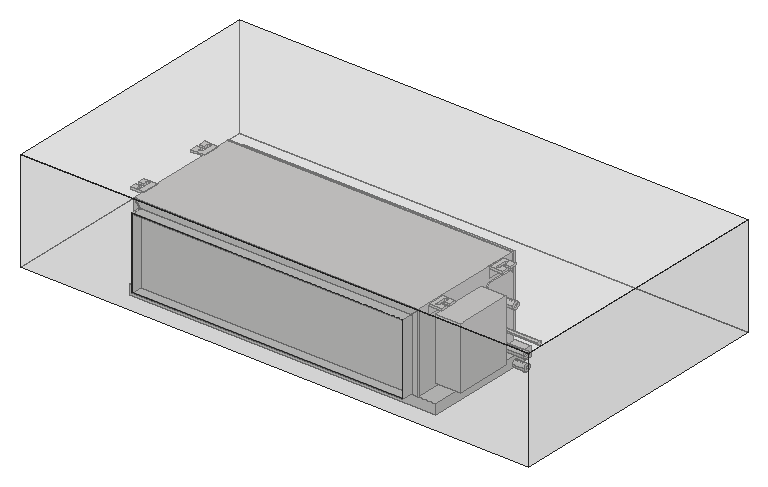
Revit family "outputfile", category 機械設備, Revit 2024
Family settings
  丸型コネクタ寸法 = 半径を使用
  パーツ タイプ = 標準
  OmniClass 番号 = 23.75.10.24.21.27.27
  OmniClass タイトル = Split System Air Conditioning Units
  作業面ベース = いいえ
  常に垂直 = はい
  ロード時にボイドで切り取り = いいえ
  注釈の向きを維持 = いいえ
  共有 = いいえ
  部屋計算ポイント = はい
Parameters (values of type "FDBC35AV1M")
  Description = ""
  書き出し IFC クラス(タイプ) = "IfcUnitaryEquipmentType"
  定義済み IFC タイプ(タイプ) = "AIRCONDITIONINGUNIT"
  Cost = 0
  Type Comments = ""
  Keynote = ""
  Type Image = (empty or 0)
  Assembly Code = ""
  switch_frequency = yes
  lw_Supply Duct = if(Width = 905 mm, 20.5 mm, 11.5 mm)  # 20.5 mm
  l_powersupply = 92.5 mm  # constant formula
  connector_voltage = Voltage_50Hz  # 230 V
  connector_powerinput = [Power Input (Cooling)]  # 1.143 kW
  connector_phase = Phase_50Hz  # 1
  W1 = if(Width = 905 mm, 441.5 mm, 362.5 mm)  # 441.5 mm
  URL = ""
  Supply Air Direction [instance] = yes
  製造元 = "Daikin"
  モデル = "FDBC35AV1M"
  r_Liquid Pipe Size = Liquid Pipe Size / 2  # 3.2 mm
  r_Gas Pipe Size = Gas Pipe Size / 2  # 4.75 mm
  r_Drain Pipe Size = Drain Pipe Size / 2  # 9.5 mm
  lw_powersupply = if(Width = 905 mm, 439.5 mm, 378.5 mm)  # 439.5 mm
  lw_Return Duct = if(Width = 905 mm, 20.5 mm, 11.5 mm)  # 20.5 mm
  ld_powersupply = 46.5 mm  # constant formula
  Voltage_comment_50Hz = "220 - 240"
  Voltage_50Hz = 230 V
  Sound Power Level_H speed (dB) = 0
  Phase_50Hz = 1
  Minimum External Static Pressure = 5.00 Pa
  Minimum Circuit Amps_50Hz = 7.3 A
  Maximum Fuse Amps_50Hz = 16.0 A
  Maximum External Static Pressure = 10.00 Pa
  Material_Casing = DAIKIN_GalvanizedSteel_Casing_indoorunit
  lw_liquidpipe = C - W1 + 122 mm  # 522.5 mm
  lw_gaspipe = C - W1 + 52 mm  # 452.5 mm
  lw_mountinghole_pitch = if(Width = 905 mm, 881 mm, 741 mm)  # 881 mm
  lw_drainpipe = C - W1 + 85 mm  # 485.5 mm
  lh_powersupply = 131.5 mm  # constant formula
  lh_liquidpipe = 87 mm  # constant formula
  lh_gaspipe = 161 mm  # constant formula
  lh_mountinghole = 261 mm  # constant formula
  lh_drainpipe = 43.5 mm  # constant formula
  l_antena = Height + 1 mm - lh_mountinghole  # 1 mm
  ld_liquidpipe = 121 mm  # constant formula
  ld_gaspipe = 121 mm  # constant formula
  ld_drainpipe = 117.005 mm  # constant formula
  h*** = 0 mm  # constant formula
  Width = 905 mm
  Version = "ver.1.0"
  Unit Type = "Duct"
  Unit Mass Weight = 22.00 kg
  Unit Designation [instance] = ""
  Uniclass2015Version = "Products v1.30"
  Uniclass2015Title = "Split coil room air conditioning units"
  Uniclass2015Code = "Pr_70_65_03_86"
  Total Cooling Capacity [instance] = 0.000 kW
  Sound Pressure Level_M speed (dBA) = 33
  Sound Pressure Level_L speed (dBA) = 29
  Sound Pressure Level_H speed (dBA) = 36
  Series = "SkyAir_Fan Coil Unit"
  Sensible Cooling Capacity [instance] = 0.000 kW
  SA Duct Size Width = 802 mm
  SA Duct Size Height = 211 mm
  Refrigerant Type = "R32"
  RA Duct Size Width = 802 mm
  RA Duct Size Height = 211 mm
  Power Input (Cooling) = 1.143 kW
  Option Accessory 3 [instance] = ""
  Option Accessory 2 [instance] = ""
  Option Accessory 1 [instance] = ""
  Nominal Cooling Capacity = 3.520 kW
  Minimum Airflow = 595.00 m³/h
  Median Airflow = 782.00 m³/h
  Maximum Airflow = 867.00 m³/h
  Load Classification = HVAC
  Liquid Pipe Size = 6.4 mm
  Link_Nested Family [instance] = ""
  IfcVersion = ""
  IfcExportType = "AIRCONDITIONINGUNIT"
  IfcExportAs = "IfcUnitaryEquipmentType"
  Height = 261 mm
  Heat Exchanger Type = "Cross Fin Coil"
  Gas Pipe Size = 9.5 mm
  Frequency_50Hz = 50 Hz
  Fan Type = "Sirocco Fan"
  Fan Drive = "-"
  FCU Tag No. [instance] = ""
  Drain Pipe Size = 19.0 mm
  Design Supply Airflow [instance] = 0.00 m³/h
  Design Return Airflow [instance] = 0.00 m³/h
  Design External Static Pressure [instance] = 0.00 Pa
  Depth = 411 mm
  既定の高さ = 0 mm
  Cooling Entering Wet Bulb Temperature [instance] = 0.00 °C
  Cooling Entering Dry Bulb Temperature [instance] = 0.00 °C
  Cooling Ambient Wet Bulb Temperature [instance] = 0.00 °C
  Cooling Ambient Dry Bulb Temperature [instance] = 0.00 °C
  Clearance visibility [instance] = yes
  Clearance Top = 20 mm
  Clearance Right = 300 mm
  Clearance Rear = 400 mm
  Clearance Left = 300 mm
  Clearance Front = 0 mm
  Clearance Bottom = 20 mm
  C = if(Width = 905 mm, 842 mm, 702 mm)  # 842 mm
Reference planes
  plane 1 "Center (Front/Back)": y = 0
  plane 2: z = 0
  plane 3 "Center (Left/Right)": x = 0
  plane 4 "Back": y = 205.5
  plane 5 "Front": y = -205.5
  plane 6 "Left": x = -452.5
  plane 7 "Right": x = 452.5
  plane 8 "Top": z = 0
  plane 9 "Bottom": z = -261
  plane 10 "lh_liquidpipe": z = -174
  plane 11 "lh_gaspipe": z = -100
  plane 12 "lw_mountinghole": x = -461
  plane 13 "lw_mountinghole3": x = 420
  plane 14 "lw_liquidpipe": x = 522.5
  plane 15 "lw_gaspipe": x = 452.5
  plane 16 "Clearance Left": x = -752.5
  plane 17 "Clearance Right": x = 752.5
  plane 18 "Clearance Rear": y = 605.5
  plane 19 "Clearance Front": y = -205.5
  plane 20 "Clearance Bottom": z = -281
  plane 21 "lh_drainpipe": z = -217.5
  plane 22 "ld_gaspipe": y = 121
  plane 23 "ld_liquidpipe": y = 121
  plane 24 "ld_drainpipe": y = 117.005
  plane 25 "lw_drainpipe": x = 485.5
  plane 26 "ld_mountinghole1": y = 112.5
  plane 27 "ld_mountinghole": y = -112.5
  plane 28 "Clearance Top": z = 20
  plane 29 "lh_powersupply": z = -129.5
  plane 30 "ld_powersupply": y = -46.5
  plane 31 "箱_L": x = -441.5
  plane 32 "箱_R": x = 400.5
  plane 33 "箱_F": y = -175.5
  plane 34 "箱_後": y = 175.5
  plane 35 "A": z = -230
  plane 36: y = 55.5
  plane 37: y = -112.5
  plane 38 "lh_box": z = -222
  plane 39 "lh_box1": z = -37
  plane 40 "71/100": z = -46
  plane 41 "l-box": x = 475.5
  plane 42 "lw_Return Duct": x = -20.5
  plane 43 "lw_Supply Duct": x = -20.5
  plane 44 "lh_Supply Duct": z = -124.5
  plane 45 "lh_Return Duct": z = -124.5
  plane 46 "lw_powersupply": x = 439.5
Forms (mm)
  Extrusion 1, solid, material "DAIKIN_GalvanizedSteel_Casing_indoorunit" <- "Material_Casing"
    sketch origin (0, 0, -230) x (-1, 0, 0) y (0, -1, 0)
      loop
        line (441.5, -175.5) -> (441.5, 175.5) -> (-400.5, 175.5) -> (-400.5, -175.5) -> (441.5, -175.5)
    from 0 to 230
  Extrusion 2, solid, material "DAIKIN_GalvanizedSteel_Casing_indoorunit" <- "Material_Casing"
    sketch origin (0, 0, -261) x (-1, 0, 0) y (0, -1, 0)
      loop
        line (452.5, -175.5) -> (452.5, 175.5) -> (-452.5, 175.5) -> (-452.5, -175.5) -> (452.5, -175.5)
    from 0 to 31
  Extrusion 3, solid, material "DAIKIN_GalvanizedSteel_Casing_indoorunit" <- "Material_Casing"
    sketch origin (0, 0, -222) x (-1, 0, 0) y (0, -1, 0)
      loop
        line (-400.5, -55.5) -> (-400.5, 112.5) -> (-475.5, 112.5) -> (-475.5, -55.5) -> (-400.5, -55.5)
    from 0 to 185
  Extrusion 4, solid, material "DAIKIN_GalvanizedSteel_Casing_indoorunit"
    sketch origin (400.5, 1296.25, 1200) x (0, 1, 0) y (0, 0, 1)
      loop
        circle (-1179.245, -1417.5) r 9.5
      loop
        circle (-1179.245, -1417.5) r 6.5
    from 0 to 85
  Extrusion 5, solid, material "DAIKIN_GalvanizedSteel_Casing_indoorunit" <- "Material_Casing"
    sketch origin (400.5, 1296.25, 1200) x (0, 1, 0) y (0, 0, 1)
      loop
        circle (-1175.25, -1300) r 9.95
      loop
        circle (-1175.25, -1300) r 6.35
    from 0 to 52
  Extrusion 6, solid, material "DAIKIN_GalvanizedSteel_Casing_indoorunit" <- "Material_Casing"
    sketch origin (400.5, 1296.25, 1200) x (0, 1, 0) y (0, 0, 1)
      loop
        circle (-1175.25, -1374) r 5
      loop
        circle (-1175.25, -1374) r 3.175
    from 0 to 122
  Extrusion 7, solid, material "DAIKIN_GalvanizedSteel_Casing_indoorunit" <- "Material_Casing"
    sketch origin (400.5, 1296.25, 1200) x (0, 1, 0) y (0, 0, 1)
      loop
        line (-1213.75, -1239) -> (-1223.75, -1249) -> (-1223.75, -1430) -> (-1188.75, -1430) -> (-1188.75, -1417.5)
        arc (-1188.75, -1417.5) -> (-1179.25, -1408) -> (-1169.75, -1417.5) r 9.5
        line (-1169.75, -1417.5) -> (-1169.75, -1430) -> (-1128.75, -1430) -> (-1128.75, -1249) -> (-1138.75, -1239) -> (-1213.75, -1239)
    from 0 to 7
  Extrusion 8, solid, material "DAIKIN_GalvanizedSteel_Casing_indoorunit" <- "Material_Casing"
    sketch origin (400.5, 1296.25, 1200) x (0, 1, 0) y (0, 0, 1)
      loop
        circle (-1180.246, -1450) r 9.5
      loop
        circle (-1180.246, -1450) r 6.5
    from 0 to 89
Cuts and joins
  joined: Extrusion 2, Extrusion 8
Dimensions and locks
  "Height": plane 8 "Top" to plane 9 "Bottom"
  "lw_mountinghole_pitch": plane 12 "lw_mountinghole" to plane 13 "lw_mountinghole3"
  "lh_liquidpipe": plane 10 "lh_liquidpipe" to plane 9 "Bottom"
  "lh_gaspipe": plane 11 "lh_gaspipe" to plane 9 "Bottom"
  "Width": plane 6 "Left" to plane 7 "Right"
  "Clearance Right": plane 7 "Right" to plane 17 "Clearance Right"
  "Clearance Left": plane 16 "Clearance Left" to plane 6 "Left"
  "Clearance Rear": plane 18 "Clearance Rear" to plane 4 "Back"
  "Clearance Front": plane 5 "Front" to plane 19 "Clearance Front"
  "Depth": plane 4 "Back" to plane 5 "Front"
  equal spacing: plane 4 "Back", plane 1 "Center (Front/Back)", plane 5 "Front"
  locked: plane 26 "ld_mountinghole1" to plane 27 "ld_mountinghole" at 225
  "lw_liquidpipe": plane 3 "Center (Left/Right)" to plane 14 "lw_liquidpipe"
  "lw_gaspipe": plane 3 "Center (Left/Right)" to plane 15 "lw_gaspipe"
  "lw_drainpipe": plane 3 "Center (Left/Right)" to plane 25 "lw_drainpipe"
  "lh_drainpipe": plane 21 "lh_drainpipe" to plane 9 "Bottom"
  "Clearance Top": plane 28 "Clearance Top" to plane 8 "Top"
  "Clearance Bottom": plane 9 "Bottom" to plane 20 "Clearance Bottom"
  "lh_powersupply": plane 29 "lh_powersupply" to plane 9 "Bottom"
  "W1": plane 31 "箱_L" to plane 3 "Center (Left/Right)"
  "C": plane 31 "箱_L" to plane 32 "箱_R"
  locked: plane 34 "箱_後" to plane 33 "箱_F" at 351
  locked: plane 36 to plane 37 at 168
  locked: plane 37 to plane 5 "Front" at 93
  locked: plane 39 "lh_box1" to plane 38 "lh_box" at 185
  locked: plane 38 "lh_box" to plane 9 "Bottom" at 39
  "ld_drainpipe": plane 24 "ld_drainpipe" to plane 1 "Center (Front/Back)"
  "ld_gaspipe": plane 22 "ld_gaspipe" to plane 1 "Center (Front/Back)"
  "ld_liquidpipe": plane 1 "Center (Front/Back)" to plane 23 "ld_liquidpipe"
  locked: plane 40 "71/100" to plane 9 "Bottom" at 215
  locked: Extrusion 7 sketch curve to plane 34 "箱_後" at 8
  locked: Extrusion 7 sketch curve to Extrusion 7 sketch curve at 95
  locked: Extrusion 7 sketch curve to Extrusion 7 sketch curve at 191
  locked: Extrusion 7 sketch curve to Extrusion 7 sketch curve at 10  (x4)
  locked: Extrusion 7 sketch curve to Extrusion 7 sketch curve at 19
  locked: Extrusion 7 sketch curve to plane 9 "Bottom" at 31
  locked: Extrusion 7 sketch curve to plane 9 "Bottom" at 43.5
  locked: Extrusion 7 sketch curve to Extrusion 7 sketch curve at 50.5
  "h***": plane 8 "Top" to plane 2
  locked: plane 27 "ld_mountinghole" to plane 1 "Center (Front/Back)" at 112.5
  "lw_Supply Duct": plane 43 "lw_Supply Duct" to plane 3 "Center (Left/Right)"
  "lw_Return Duct": plane 42 "lw_Return Duct" to plane 3 "Center (Left/Right)"
  locked: plane 44 "lh_Supply Duct" to plane 9 "Bottom" at 136.5
  locked: plane 45 "lh_Return Duct" to plane 9 "Bottom" at 136.5
  locked: plane 35 "A" to plane 9 "Bottom" at 31
  equal spacing: plane 6 "Left", plane 3 "Center (Left/Right)", plane 7 "Right"
  locked: plane 12 "lw_mountinghole" to plane 31 "箱_L" at 19.5
  equal spacing: plane 34 "箱_後", plane 1 "Center (Front/Back)", plane 33 "箱_F"
  locked: plane 32 "箱_R" to plane 41 "l-box" at 75
  locked: Extrusion 8 sketch curve to plane 9 "Bottom" at 11  (x2)
  locked: plane 1 "Center (Front/Back)" to Extrusion 8 sketch curve at 116.004  (x2)
  "ld_powersupply": plane 30 "ld_powersupply" to plane 1 "Center (Front/Back)"
  "lw_powersupply": plane 3 "Center (Left/Right)" to plane 46 "lw_powersupply"
  aligned and locked: level to plane 2
  aligned and locked: plane 18 "Clearance Rear" to nested 1
  aligned and locked: plane 17 "Clearance Right" to nested 1
  aligned and locked: plane 16 "Clearance Left" to nested 1
  aligned and locked: nested 1 to plane 19 "Clearance Front"
  aligned and locked: plane 28 "Clearance Top" to nested 1
  aligned and locked: nested 1 to plane 20 "Clearance Bottom"
  aligned and locked: plane 31 "箱_L" to Extrusion 1 sketch curve
  aligned and locked: Extrusion 1 sketch curve to plane 32 "箱_R"
  aligned and locked: plane 33 "箱_F" to Extrusion 1 sketch curve
  aligned and locked: Extrusion 1 sketch curve to plane 34 "箱_後"
  aligned and locked: Extrusion 1 to plane 35 "A"
  aligned and locked: plane 8 "Top" to Extrusion 1
  aligned and locked: plane 6 "Left" to Extrusion 2 sketch curve
  aligned and locked: Extrusion 2 to plane 9 "Bottom"
  aligned and locked: plane 35 "A" to Extrusion 2
  aligned and locked: plane 12 "lw_mountinghole" to nested 3
  aligned and locked: plane 12 "lw_mountinghole" to nested 2
  aligned and locked: nested 4 to plane 13 "lw_mountinghole3"
  aligned and locked: nested 5 to plane 13 "lw_mountinghole3"
  aligned and locked: plane 26 "ld_mountinghole1" to nested 5
  aligned and locked: nested 2 to plane 26 "ld_mountinghole1"
  aligned and locked: plane 27 "ld_mountinghole" to nested 4
  aligned and locked: nested 3 to plane 27 "ld_mountinghole"
  aligned and locked: plane 32 "箱_R" to Extrusion 3 sketch curve
  aligned and locked: plane 37 to Extrusion 3 sketch curve
  aligned and locked: Extrusion 3 sketch curve to plane 36
  aligned and locked: Extrusion 3 to plane 38 "lh_box"
  aligned and locked: plane 39 "lh_box1" to Extrusion 3
  aligned and locked: plane 21 "lh_drainpipe" to Extrusion 4 sketch curve  (x2)
  aligned and locked: Extrusion 4 sketch curve to plane 24 "ld_drainpipe"  (x2)
  aligned and locked: Extrusion 5 sketch curve to plane 11 "lh_gaspipe"  (x2)
  aligned and locked: Extrusion 5 sketch curve to plane 22 "ld_gaspipe"  (x2)
  aligned and locked: Extrusion 5 to plane 32 "箱_R"
  aligned and locked: Extrusion 6 sketch curve to plane 10 "lh_liquidpipe"  (x2)
  aligned and locked: Extrusion 6 sketch curve to plane 23 "ld_liquidpipe"  (x2)
  aligned and locked: Extrusion 7 sketch curve to Extrusion 7 sketch curve
  aligned and locked: plane 3 "Center (Left/Right)" to nested 6
  aligned and locked: nested 6 to plane 33 "箱_F"
  aligned and locked: plane 9 "Bottom" to nested 6
  aligned and locked: plane 3 "Center (Left/Right)" to nested 7
  aligned and locked: nested 7 to plane 34 "箱_後"
  aligned and locked: plane 9 "Bottom" to nested 7
  aligned and locked: Extrusion 3 sketch curve to plane 41 "l-box"
  aligned and locked: nested 8 to plane 33 "箱_F"
  aligned and locked: plane 42 "lw_Return Duct" to nested 8
  aligned and locked: plane 44 "lh_Supply Duct" to nested 8
  aligned and locked: plane 34 "箱_後" to nested 9
  aligned and locked: nested 9 to plane 43 "lw_Supply Duct"
  aligned and locked: plane 23 "ld_liquidpipe" to nested 10
  aligned and locked: plane 3 "Center (Left/Right)" to nested 10
  aligned and locked: plane 3 "Center (Left/Right)" to nested 11
  aligned and locked: plane 22 "ld_gaspipe" to nested 11
  aligned and locked: plane 3 "Center (Left/Right)" to nested 12
  aligned and locked: plane 24 "ld_drainpipe" to nested 12
  aligned and locked: nested 13 to plane 27 "ld_mountinghole"
  aligned and locked: nested 14 to plane 27 "ld_mountinghole"
  aligned and locked: nested 16 to plane 26 "ld_mountinghole1"
  aligned and locked: nested 15 to plane 26 "ld_mountinghole1"
  aligned and locked: plane 12 "lw_mountinghole" to nested 13
  aligned and locked: plane 12 "lw_mountinghole" to nested 15
  aligned and locked: plane 13 "lw_mountinghole3" to nested 14
  aligned and locked: plane 13 "lw_mountinghole3" to nested 16
  aligned and locked: Extrusion 2 sketch curve to plane 34 "箱_後"
  aligned and locked: plane 33 "箱_F" to Extrusion 2 sketch curve
  aligned and locked: Extrusion 2 sketch curve to plane 7 "Right"
  aligned and locked: plane 8 "Top" to nested 4
  aligned and locked: plane 8 "Top" to nested 5
  aligned and locked: plane 8 "Top" to nested 3
  aligned and locked: plane 8 "Top" to nested 2
  aligned and locked: plane 3 "Center (Left/Right)" to nested 17
  aligned and locked: plane 46 "lw_powersupply" to nested 18
  aligned and locked: nested 18 to plane 30 "ld_powersupply"
Automatic sketch dimensions
  radius of Extrusion 5 sketch curve = 9.95 mm
  radius of Extrusion 5 sketch curve = 6.35 mm
  radius of Extrusion 6 sketch curve = 5 mm
  radius of Extrusion 6 sketch curve = 3.175 mm
  radius of Extrusion 4 sketch curve = 9.5 mm
  radius of Extrusion 4 sketch curve = 6.5 mm
  radius of Extrusion 8 sketch curve = 9.5 mm
  radius of Extrusion 8 sketch curve = 6.5 mm
Nested families
  nested 1: "daikin_clearancespace" at (0, 200, -130.381), visible <- "Clearance visibility", show <- "Clearance visibility", Link_Nested Family <- "Link_Nested Family", type "daikin_clearancespace"
    with width 1505 mm, show yes, height 301 mm, depth 811 mm, Link_Nested Family ""
  nested 2: "daikin_hangerfixture_FDBC-AV1M" at (-461, 112.5, 0), type "daikin_hangerfixture_FDBC-AV1M"
    with width 905 mm
  nested 3: "daikin_hangerfixture_FDBC-AV1M" at (-461, -112.5, 0), type "daikin_hangerfixture_FDBC-AV1M"
    with width 905 mm
  nested 4: "daikin_hangerfixture_FDBC-AV1M" at (420, -112.5, 0) x (-1, 0, 0) z (0, 0, 1), type "daikin_hangerfixture_FDBC-AV1M"
    with width 905 mm
  nested 5: "daikin_hangerfixture_FDBC-AV1M" at (420, 112.5, 0) x (-1, 0, 0) z (0, 0, 1), type "daikin_hangerfixture_FDBC-AV1M"
    with width 905 mm
  nested 6: "daikin_Supply Ductflange_FDBC-AV1M" at (0, -175.5, -450.401), material <- "Material_Casing", type "daikin_Supply Ductflange_FDBC-AV1M"
    with material DAIKIN_GalvanizedSteel_Casing_indoorunit, W1 441.5 mm, C 842 mm
  nested 7: "daikin_Return Ductflange_FDBC-AV1M" at (0, 175.5, -450.401), material <- "Material_Casing", type "daikin_Return Ductflange_FDBC-AV1M"
    with material DAIKIN_GalvanizedSteel_Casing_indoorunit, W1 441.5 mm, C 842 mm
  nested 8: "daikin_connector_rotate2" at (-20.5, -175.5, -124.5), type "daikin_connector_rotate2"
    with radius 10 mm, length 30 mm, angle_vertical 90.00°, show_face no
  nested 9: "daikin_connector_rotate2" at (-20.5, 175.5, -124.5) x (-1, 0, 0) z (0, 0, 1), type "daikin_connector_rotate2"
    with radius 10 mm, length 30 mm, angle_vertical 90.00°, show_face no
  nested 10: "daikin_connector_rotate2" at (0, 121, -174) x (0, 1, 0) z (0, 0, 1), radius <- "r_Liquid Pipe Size", length <- "lw_liquidpipe", type "daikin_connector_rotate2"
    with radius 3.2 mm, length 522.5 mm, angle_vertical 90.00°, show_face no
  nested 11: "daikin_connector_rotate2" at (0, 121, -100) x (0, 1, 0) z (0, 0, 1), length <- "lw_gaspipe", radius <- "r_Gas Pipe Size", type "daikin_connector_rotate2"
    with radius 4.75 mm, length 452.5 mm, angle_vertical 90.00°, show_face no
  nested 12: "daikin_connector_rotate2" at (0, 117.005, -217.5) x (0, 1, 0) z (0, 0, 1), length <- "lw_drainpipe", radius <- "r_Drain Pipe Size", type "daikin_connector_rotate2"
    with radius 9.5 mm, length 485.5 mm, angle_vertical 90.00°, show_face no
  nested 13: "daikin_mountinghole" at (-461, -112.5, -261), Link_Nested Family <- "Link_Nested Family", h_mountinghole <- "lh_mountinghole", l_antenna <- "l_antena", type "daikin_mountinghole"
    with show yes, l_antenna 1 mm, h_mountinghole 261 mm, Link_Nested Family ""
  nested 14: "daikin_mountinghole" at (420, -112.5, -261), Link_Nested Family <- "Link_Nested Family", h_mountinghole <- "lh_mountinghole", l_antenna <- "l_antena", type "daikin_mountinghole"
    with show yes, l_antenna 1 mm, h_mountinghole 261 mm, Link_Nested Family ""
  nested 15: "daikin_mountinghole" at (-461, 112.5, -261), Link_Nested Family <- "Link_Nested Family", h_mountinghole <- "lh_mountinghole", l_antenna <- "l_antena", type "daikin_mountinghole"
    with show yes, l_antenna 1 mm, h_mountinghole 261 mm, Link_Nested Family ""
  nested 16: "daikin_mountinghole" at (420, 112.5, -261), Link_Nested Family <- "Link_Nested Family", h_mountinghole <- "lh_mountinghole", l_antenna <- "l_antena", type "daikin_mountinghole"
    with show yes, l_antenna 1 mm, h_mountinghole 261 mm, Link_Nested Family ""
  nested 17: "daikin_△_symbolicline" at (0, 0, 261) x (-1, 0, 0) z (0, 0, 1), built-in parameter 1001364 <- "Height", visible <- "Supply Air Direction", type "daikin_△_symbolicline"
    with length 150 mm
  nested 18: "daikin_connector_rotate2" at (439.5, -46.5, -129.5), length <- "l_powersupply", type "daikin_connector_rotate2"
    with radius 10 mm, length 92.5 mm, angle_vertical 180.00°, show_face no
Connectors
  hvac at (-20.5, -205.5, -124.5), driven by "SA Duct Size Height", driven by "SA Duct Size Width"
    settings: on nested 8, index 1, duct flow 0.00 m³/h, flow factor 0, pres drop 0.00 Pa, loss coef 0, conn angle 0.00°, conn width 802.0 mm, conn height 211.0 mm, conn diameter 609.6 mm, duct sys type 1, conn prof type 1, flow config 0, flow direction 2, loss method 4, conn ref index -1, conn util no, is conn primary yes, conn desc "SA Duct"
  hvac at (-20.5, 205.5, -124.5), driven by "RA Duct Size Height", driven by "RA Duct Size Width"
    settings: on nested 9, index 2, duct flow 0.00 m³/h, flow factor 0, pres drop 0.00 Pa, loss coef 0, conn angle 0.00°, conn width 802.0 mm, conn height 211.0 mm, conn diameter 609.6 mm, duct sys type 2, conn prof type 1, flow config 0, flow direction 1, loss method 4, conn ref index -1, conn util no, is conn primary no, conn desc "RA Duct"
  piping at (522.5, 121, -174), diameter 6.4, driven by "r_Liquid Pipe Size"
    settings: on Extrusion 6, index 3, connector inside diameter 609.6 mm, connector length 0 mm, flow factor 0, pipe flow 0.00 m³/h, pressure drop 0.0 Pa, fitting loss kfactor 0, connector angle 0.00°, fixture units 0, engagement length 0 mm, angle of deflection 0.00°, flow configuration 1, flow direction 1, fitting loss method 0, system type 29, joint type 0, gender type 0, connector reference index -1, connector utility 0, adjustable connector no, is connector primary yes, connector description "Refrigerant Liquid Piping"
  piping at (452.5, 121, -100), diameter 9.5, driven by "r_Gas Pipe Size"
    settings: on nested 11, index 4, connector inside diameter 609.6 mm, connector length 0 mm, flow factor 0, pipe flow 0.00 m³/h, pressure drop 0.0 Pa, fitting loss kfactor 0, connector angle 0.00°, fixture units 0, engagement length 0 mm, angle of deflection 0.00°, flow configuration 1, flow direction 2, fitting loss method 0, system type 29, joint type 0, gender type 0, connector reference index -1, connector utility 0, adjustable connector no, is connector primary no, connector description "Refrigerant Gas Piping"
  piping at (485.5, 117.005, -217.5), diameter 19, driven by "r_Drain Pipe Size"
    settings: on nested 12, index 5, connector inside diameter 609.6 mm, connector length 0 mm, flow factor 0, pipe flow 0.00 m³/h, pressure drop 0.0 Pa, fitting loss kfactor 0, connector angle 0.00°, fixture units 0, engagement length 0 mm, angle of deflection 0.00°, flow configuration 1, flow direction 2, fitting loss method 4, system type 16, joint type 0, gender type 0, connector reference index -1, connector utility 0, adjustable connector no, is connector primary no, connector description "Condensate Drain Piping"
  electrical at (439.5, -46.5, -37), driven by "connector_phase", driven by "Load Classification", driven by "connector_voltage", driven by "connector_powerinput"
    settings: on nested 18, index 8, voltage 230 V, apparent load 1143 VA, apparent load phase1 0 VA, apparent load phase2 0 VA, apparent load phase3 0 VA, power factor 1, load classification "HVAC", number of poles 1, system type 30, power factor state 1, is connector primary yes, connector utility no, sub classification motor no, connector description "Power Supply"
Definition of nested family "daikin_clearancespace"
  Parameters (values of type "daikin_clearancespace")
    Description = "daikin_clearancespace"
    width [instance] = 1823.963 mm
    show [instance] = yes
    material = none
    height [instance] = 1359.762 mm
    depth [instance] = 880 mm
    Default Elevation = 0 mm
    Link_Nested Family [instance] = ""
  Reference planes
    plane 1 "Center (Front/Back)": y = 0
    plane 2 "Center (Elevation)": z = -0.119
    plane 3 "Center (Left/Right)": x = 0
    plane 4: y = 440
    plane 5: y = -440
    plane 6 "Right": x = 911.982
    plane 7 "Left": x = -911.982
    plane 8 "Top": z = 679.762
    plane 9 "Bottom": z = -680
  Forms (mm)
    Extrusion 1, solid, material <- "material", visible <- "show"
      sketch origin (0, 0, 0) x (1, 0, 0) y (0, 1, 0)
        loop
          line (-911.982, 440) -> (-911.982, -440) -> (911.982, -440) -> (911.982, 440) -> (-911.982, 440)
      from -680 to 679.762
  Lines and regions (mm)
    symbolic lines, visible <- "show"
      curve 1: line (911.982, 440, 0) -> (-911.982, 440, 0)
      curve 2: line (-911.982, 440, 0) -> (-911.982, -440, 0)
      curve 3: line (-911.982, -440, 0) -> (911.982, -440, 0)
      curve 4: line (911.982, -440, 0) -> (911.982, 440, 0)
      curve 5: line (911.982, 0, 679.762) -> (-911.982, 0, 679.762)
      curve 6: line (911.982, 0, -680) -> (911.982, 0, 679.762)
      curve 7: line (-911.982, 0, -680) -> (911.982, 0, -680)
      curve 8: line (-911.982, 0, 679.762) -> (-911.982, 0, -680)
      curve 9: line (0, 440, 679.762) -> (0, -440, 679.762)
      curve 10: line (0, -440, 679.762) -> (0, -440, -680)
      curve 11: line (0, 440, -680) -> (0, 440, 679.762)
      curve 12: line (0, -440, -680) -> (0, 440, -680)
  Dimensions and locks
    "width": plane 7 "Left" to plane 6 "Right"
    "depth": plane 4 to plane 5
    "height": plane 8 "Top" to plane 9 "Bottom"
    equal spacing: plane 7 "Left", plane 3 "Center (Left/Right)", plane 6 "Right"
    equal spacing: plane 4, plane 1 "Center (Front/Back)", plane 5
    equal spacing: plane 8 "Top", plane 2 "Center (Elevation)", plane 9 "Bottom"
    aligned and locked: level to plane 2 "Center (Elevation)"
    aligned and locked: Extrusion 1 sketch curve to plane 4
    aligned and locked: plane 7 "Left" to Extrusion 1 sketch curve
    aligned and locked: Extrusion 1 sketch curve to plane 5
    aligned and locked: Extrusion 1 sketch curve to plane 6 "Right"
    aligned and locked: plane 8 "Top" to Extrusion 1
    aligned and locked: curve 1 to Extrusion 1
    aligned and locked: curve 2 to Extrusion 1
    aligned and locked: curve 3 to Extrusion 1
    aligned and locked: curve 4 to Extrusion 1
    aligned and locked: curve 5 to Extrusion 1
    aligned and locked: curve 6 to Extrusion 1
    aligned and locked: curve 7 to Extrusion 1
    aligned and locked: curve 8 to Extrusion 1
    aligned and locked: curve 9 to Extrusion 1
    aligned and locked: curve 10 to Extrusion 1
    aligned and locked: curve 11 to Extrusion 1
    aligned and locked: curve 12 to Extrusion 1
    aligned and locked: Extrusion 1 to plane 9 "Bottom"
Definition of nested family "daikin_hangerfixture_FDBC-AV1M"
  Parameters (values of type "daikin_hangerfixture_FDMFC-AV1M")
    width = 1065 mm
    material = none
    height = 65 mm
    depth = 700 mm
    Default Elevation = 0 mm
  Reference planes
    plane 1 "Center (Front/Back)": y = 0
    plane 2: z = 0
    plane 3 "Center (Left/Right)": x = 0
  Forms (mm)
    Extrusion 1, solid, material <- "material"
      sketch origin (0, 0, 0) x (1, 0, 0) y (0, 0, 1)
        loop
          line (-20, 0) -> (-20, -5) -> (17, -5) -> (17, -30) -> (19.5, -30) -> (19.5, 0) -> (-20, 0)
      from -25 to 25
    Extrusion 2, void
      sketch origin (0, 0, 0) x (1, 0, 0) y (0, 1, 0)
        loop
          line (-5, 5) -> (-20, 5) -> (-20, -5) -> (-5, -5) -> (-5, -13)
          arc (-5, -13) -> (0, -18) -> (5, -13) r 5
          line (5, -13) -> (5, 13)
          arc (5, 13) -> (0, 18) -> (-5, 13) r 5
          line (-5, 13) -> (-5, 5)
      from 0 to -5
  Cuts and joins
    Extrusion 2 cuts Extrusion 1
  Dimensions and locks
    locked: Extrusion 1 sketch curve to Extrusion 1 sketch curve at 5
    locked: Extrusion 1 sketch curve to Extrusion 1 sketch curve at 2.5
    locked: Extrusion 1 sketch curve to Extrusion 1 sketch curve at 30
    locked: Extrusion 1 sketch curve to Extrusion 1 sketch curve at 39.5
    Extrusion 1 sketch curve to plane 3 "Center (Left/Right)" = 17 mm
    locked: Extrusion 1 sketch curve to plane 3 "Center (Left/Right)" at 19.5
    Extrusion 2 sketch curve to plane 1 "Center (Front/Back)" to Extrusion 2 sketch curve = 13 mm locked, 13 mm locked
    equal spacing: Extrusion 2 sketch curve, plane 3 "Center (Left/Right)", Extrusion 2 sketch curve
    locked: Extrusion 2 sketch curve to Extrusion 2 sketch curve at 10  (x2)
    equal spacing: Extrusion 2 sketch curve, plane 1 "Center (Front/Back)", Extrusion 2 sketch curve
    aligned and locked: level to plane 2
    aligned and locked: Extrusion 1 sketch curve to plane 2
    aligned and locked: plane 3 "Center (Left/Right)" to Extrusion 2 sketch curve  (x2)
    aligned and locked: Extrusion 1 to Extrusion 2 sketch curve
Definition of nested family "daikin_Supply Ductflange_FDBC-AV1M"
  Parameters (values of type "daikin_ductflange_FDMRN-AXVL")
    material [instance] = none
    Default Elevation = 0 mm
    W1 = 521.5 mm
    C = 1002 mm
    71/100 = no
    50/60 = yes
  Reference planes
    plane 1 "Center (Front/Back)": y = 0
    plane 2: z = 189.401
    plane 3 "Center (Left/Right)": x = 0
    plane 4: x = -521.5
    plane 5: x = 480.5
  Forms (mm)
    Extrusion 1, solid, material <- "material", visible <- "71/100"
      sketch origin (0, 0, 0) x (1, 0, 0) y (0, 0, 1)
        loop
          line (-398.5, 518.401) -> (-398.5, 345.401) -> (398.5, 345.401) -> (398.5, 518.401) -> (-398.5, 518.401)
        loop
          line (-397.5, 346.401) -> (397.5, 346.401) -> (397.5, 517.401) -> (-397.5, 517.401) -> (-397.5, 346.401)
      from 0 to 39
    Extrusion 2, solid, material <- "material", visible <- "71/100"
      sketch origin (0, 0, 0) x (1, 0, 0) y (0, 0, 1)
        loop
          line (-397.5, 537.401) -> (-397.5, 518.401) -> (397.5, 518.401) -> (397.5, 537.401) -> (-397.5, 537.401)
        loop
          line (398.5, 517.401) -> (398.5, 346.401) -> (417.5, 346.401) -> (417.5, 517.401) -> (398.5, 517.401)
        loop
          line (-397.5, 345.401) -> (-397.5, 326.401) -> (397.5, 326.401) -> (397.5, 345.401) -> (-397.5, 345.401)
        loop
          line (-417.5, 517.401) -> (-417.5, 346.401) -> (-398.5, 346.401) -> (-398.5, 517.401) -> (-417.5, 517.401)
      from 0 to -1
    Extrusion 3, solid, material <- "material", visible <- "50/60"
      sketch origin (0, 0, 0) x (1, 0, 0) y (0, 0, 1)
        loop
          line (-501.5, 431.401) -> (-501.5, 220.401) -> (460.5, 220.401) -> (460.5, 431.401) -> (-501.5, 431.401)
        loop
          line (-500.5, 430.401) -> (-500.5, 221.401) -> (459.5, 221.401) -> (459.5, 430.401) -> (-500.5, 430.401)
      from 0 to 30
    Extrusion 4, solid, material <- "material", visible <- "50/60"
      sketch origin (0, 0, 0) x (1, 0, 0) y (0, 0, 1)
        loop
          line (-521.5, 220.401) -> (-501.5, 220.401) -> (-501.5, 431.401) -> (-521.5, 450.401) -> (-521.5, 220.401)
        loop
          line (480.5, 450.401) -> (460.5, 431.401) -> (460.5, 220.401) -> (480.5, 220.401) -> (480.5, 450.401)
      from 0 to -1
    Extrusion 5, solid, material <- "material", visible <- "50/60"
      sketch origin (0, 0, 0) x (1, 0, 0) y (0, 0, 1)
        loop
          line (460.5, 431.401) -> (480.5, 450.401) -> (-521.5, 450.401) -> (-501.5, 431.401) -> (460.5, 431.401)
      from 0 to -1
  Dimensions and locks
    equal spacing: Extrusion 1 sketch curve, plane 3 "Center (Left/Right)", Extrusion 1 sketch curve
    locked: Extrusion 1 sketch curve to Extrusion 1 sketch curve at 797
    locked: Extrusion 1 sketch curve to Extrusion 1 sketch curve at 173
    locked: Extrusion 1 sketch curve to plane 2 at 156
    locked: Extrusion 2 sketch curve to Extrusion 2 sketch curve at 19  (x4)
    "W1": plane 3 "Center (Left/Right)" to plane 4
    "C": plane 5 to plane 4
    Extrusion 3 sketch curve to Extrusion 3 sketch curve to plane 2 = 211 mm locked, 31 mm locked
    locked: Extrusion 3 sketch curve to plane 4 at 20
    locked: Extrusion 3 sketch curve to plane 5 at 20
    locked: Extrusion 3 sketch curve to Extrusion 3 sketch curve at 1  (x4)
    locked: Extrusion 5 sketch curve to Extrusion 5 sketch curve at 19
    locked: Extrusion 4 sketch curve to Extrusion 4 sketch curve (angle 133.531°)  (x2)
    aligned and locked: level to plane 2
    aligned and locked: Extrusion 2 sketch curve to Extrusion 2 sketch curve  (x4)
    aligned and locked: Extrusion 1 to Extrusion 2 sketch curve  (x7)
    aligned and locked: Extrusion 2 sketch curve to Extrusion 1
    aligned and locked: Extrusion 4 sketch curve to Extrusion 3  (x3)
    aligned and locked: plane 4 to Extrusion 4 sketch curve
    aligned and locked: Extrusion 4 sketch curve to plane 5
    aligned and locked: Extrusion 3 to Extrusion 4 sketch curve
    aligned and locked: Extrusion 5 sketch curve to Extrusion 3
    aligned and locked: Extrusion 5 sketch curve to Extrusion 4  (x2)
  Automatic sketch dimensions
    Extrusion 1 sketch curve to Extrusion 1 sketch curve = 1 mm  (x4)
    Extrusion 4 sketch curve to Extrusion 4 sketch curve = 211 mm  (x2)
Definition of nested family "daikin_Return Ductflange_FDBC-AV1M"
  Parameters (values of type "daikin_ductflange_FDMRN-AXVL1")
    material [instance] = none
    Default Elevation = 0 mm
    W1 = 521.5 mm
    C = 1002 mm
    71/100 = no
    50/60 = yes
  Reference planes
    plane 1 "Center (Front/Back)": y = 0
    plane 2: z = 189.401
    plane 3 "Center (Left/Right)": x = 0
    plane 4: x = -521.5
    plane 5: x = 480.5
  Forms (mm)
    Extrusion 1, solid, material <- "material", visible <- "71/100"
      sketch origin (0, 0, 0) x (1, 0, 0) y (0, 0, 1)
        loop
          line (-496, 544.901) -> (-496, 238.901) -> (455, 238.901) -> (455, 544.901) -> (-496, 544.901)
        loop
          line (-495, 239.901) -> (454, 239.901) -> (454, 543.901) -> (-495, 543.901) -> (-495, 239.901)
      from 0 to -40
    Extrusion 2, solid, material <- "material", visible <- "71/100"
      sketch origin (0, 0, 0) x (1, 0, 0) y (0, 0, 1)
        loop
          line (455, 238.901) -> (475, 238.901) -> (475, 563.901) -> (455, 544.901) -> (455, 238.901)
        loop
          line (-516, 238.901) -> (-496, 238.901) -> (-496, 544.901) -> (-516, 563.901) -> (-516, 238.901)
      from 0 to 1
    Extrusion 3, solid, material <- "material", visible <- "50/60"
      sketch origin (0, 0, 0) x (1, 0, 0) y (0, 0, 1)
        loop
          line (-501.5, 431.401) -> (-501.5, 220.401) -> (460.5, 220.401) -> (460.5, 431.401) -> (-501.5, 431.401)
        loop
          line (-500.5, 430.401) -> (-500.5, 221.401) -> (459.5, 221.401) -> (459.5, 430.401) -> (-500.5, 430.401)
      from 0 to -30
    Extrusion 4, solid, material <- "material", visible <- "50/60"
      sketch origin (0, 0, 0) x (1, 0, 0) y (0, 0, 1)
        loop
          line (-521.5, 220.401) -> (-501.5, 220.401) -> (-501.5, 431.401) -> (-521.5, 450.401) -> (-521.5, 220.401)
        loop
          line (480.5, 450.401) -> (460.5, 431.401) -> (460.5, 220.401) -> (480.5, 220.401) -> (480.5, 450.401)
      from 0 to 1
    Extrusion 5, solid, material <- "material", visible <- "50/60"
      sketch origin (0, 0, 0) x (1, 0, 0) y (0, 0, 1)
        loop
          line (460.5, 431.401) -> (480.5, 450.401) -> (-521.5, 450.401) -> (-501.5, 431.401) -> (460.5, 431.401)
      from 0 to 1
    Extrusion 6, solid, material <- "material", visible <- "71/100"
      sketch origin (0, 0, 0) x (1, 0, 0) y (0, 0, 1)
        loop
          line (455, 544.901) -> (475, 563.901) -> (-516, 563.901) -> (-496, 544.901) -> (455, 544.901)
      from 0 to 1
  Dimensions and locks
    locked: Extrusion 1 sketch curve to Extrusion 1 sketch curve at 306
    locked: Extrusion 1 sketch curve to plane 2 at 49.5
    locked: Extrusion 2 sketch curve to Extrusion 2 sketch curve at 20  (x2)
    "W1": plane 3 "Center (Left/Right)" to plane 4
    "C": plane 5 to plane 4
    Extrusion 3 sketch curve to Extrusion 3 sketch curve to plane 2 = 211 mm locked, 31 mm locked
    locked: Extrusion 3 sketch curve to plane 4 at 20
    locked: Extrusion 3 sketch curve to plane 5 at 20
    locked: Extrusion 3 sketch curve to Extrusion 3 sketch curve at 1  (x4)
    locked: Extrusion 5 sketch curve to Extrusion 5 sketch curve at 19
    locked: Extrusion 1 sketch curve to plane 4 at 25.5
    locked: Extrusion 1 sketch curve to plane 5 at 25.5
    locked: Extrusion 1 sketch curve to Extrusion 1 sketch curve at 1  (x4)
    locked: Extrusion 6 sketch curve to Extrusion 6 sketch curve at 19
    locked: Extrusion 4 sketch curve to Extrusion 4 sketch curve (angle 133.531°)  (x2)
    locked: Extrusion 2 sketch curve to Extrusion 2 sketch curve (angle 133.531°)  (x2)
    aligned and locked: level to plane 2
    aligned and locked: Extrusion 2 sketch curve to Extrusion 2 sketch curve
    aligned and locked: Extrusion 4 sketch curve to Extrusion 3  (x3)
    aligned and locked: plane 4 to Extrusion 4 sketch curve
    aligned and locked: Extrusion 4 sketch curve to plane 5
    aligned and locked: Extrusion 3 to Extrusion 4 sketch curve
    aligned and locked: Extrusion 5 sketch curve to Extrusion 3
    aligned and locked: Extrusion 5 sketch curve to Extrusion 4  (x2)
    aligned and locked: Extrusion 6 sketch curve to Extrusion 2  (x2)
  Automatic sketch dimensions
    Extrusion 4 sketch curve to Extrusion 4 sketch curve = 211 mm  (x2)
    plane 4 to Extrusion 2 sketch curve = 5.5 mm
    Extrusion 2 sketch curve to plane 5 = 25.5 mm
    Extrusion 2 sketch curve to Extrusion 2 sketch curve = 306 mm  (x2)
    level to Extrusion 2 sketch curve = 49.5 mm
    plane 4 to Extrusion 6 sketch curve = 5.5 mm
Definition of nested family "daikin_connector_rotate2"
  Parameters (values of type "daikin_connector_rotate2")
    Default Elevation = 1219.2 mm
    show_face = yes
    radius [instance] = 10 mm
    length [instance] = 600 mm
    d_surface = 10 mm
    angle_vertical [instance] = 90.00°
  Reference planes
    plane 1 "Center (Front/Back)": y = 0
    plane 2: z = 0
    plane 3 "Center (Left/Right)": x = 0
  Forms (mm)
    Extrusion 1, solid, visible <- "show_face"
      sketch origin (0, -600, 0) x (1, 0, 0) y (0, 0, 1)
        loop
          circle (0, 0) r 10
      from 0 to -10
  Lines and regions (mm)
    reference lines
      curve 1: line (0, 0, 0) -> (0, -600, 0)
    symbolic lines
      curve 2: circle (0, 0, 0) r 5 normal (0, 0, 1)
    model lines, visible <- "show_face"
      curve 3: line (0, 0, 0) -> (0, -600, 0)
  Dimensions and locks
    "length": curve 1 to curve 1
    "length": curve 3 to curve 3
    "d_surface": Extrusion 1 to Extrusion 1
    "radius": radius of Extrusion 1 sketch curve
    "angle_vertical": angle curve 1 to plane 1 "Center (Front/Back)"
    "angle_vertical": angle curve 3 to plane 1 "Center (Front/Back)"
    aligned and locked: level to plane 2
    aligned and locked: plane 1 "Center (Front/Back)" to curve 1
    aligned and locked: plane 2 to curve 1
    aligned and locked: plane 1 "Center (Front/Back)" to curve 2
    aligned and locked: plane 3 "Center (Left/Right)" to curve 2
    aligned and locked: plane 1 "Center (Front/Back)" to curve 3
    aligned and locked: plane 2 to curve 3
    aligned and locked: Extrusion 1 to Extrusion 1
  Automatic sketch dimensions
    Extrusion 1 sketch curve to level = 0 mm
    Extrusion 1 sketch curve to plane 3 "Center (Left/Right)" = 0 mm
    radius of curve 2 = 5 mm
Definition of nested family "daikin_mountinghole"
  Parameters (values of type "daikin_mountinghole")
    Default Elevation = 0 mm
    Type Comments = "mountinghole"
    show [instance] = yes
    material = none
    l_centerline = 100 mm
    l_antenna [instance] = 100 mm
    h_mountinghole [instance] = 0 mm
    d_circle = 30 mm
    Link_Nested Family [instance] = ""
  Reference planes
    plane 1 "Center (Front/Back)": y = 0
    plane 2: z = 0
    plane 3 "Center (Left/Right)": x = 0
    plane 4: y = 50
    plane 5: x = -50
    plane 6: x = 50
    plane 7: y = -50
    plane 8 "h_mountinghole": z = 0
    plane 9: z = 100
  Lines and regions (mm)
    model lines, detail levels fine
      curve 1: circle (0, 0, 0) r 15 normal (0, 0, 1)
      curve 2: line (-50, 0, 0) -> (50, 0, 0)
      curve 3: line (0, 50, 0) -> (0, -50, 0)
    symbolic lines, detail levels fine
      curve 4: circle (0, 0, 0) r 15 normal (0, 0, 1)
      curve 5: line (-50, 0, 0) -> (50, 0, 0)
      curve 6: line (0, 50, 0) -> (0, -50, 0)
    model lines
      curve 7: line (0, 0, 100) -> (0, 0, 0)
  Dimensions and locks
    equal spacing: plane 4, plane 1 "Center (Front/Back)", plane 7
    "l_centerline": plane 4 to plane 7
    equal spacing: plane 5, plane 3 "Center (Left/Right)", plane 6
    "l_centerline": plane 5 to plane 6
    "l_antenna": plane 9 to plane 8 "h_mountinghole"
    "h_mountinghole": plane 8 "h_mountinghole" to plane 2
    "d_circle": diameter of curve 1
    "d_circle": diameter of curve 4
    aligned and locked: level to plane 2
    aligned and locked: plane 1 "Center (Front/Back)" to curve 1
    aligned and locked: plane 3 "Center (Left/Right)" to curve 1
    aligned and locked: plane 1 "Center (Front/Back)" to curve 2
    aligned and locked: curve 3 to plane 3 "Center (Left/Right)"
    aligned and locked: plane 6 to curve 2
    aligned and locked: plane 5 to curve 2
    aligned and locked: plane 4 to curve 3
    aligned and locked: plane 7 to curve 3
    aligned and locked: plane 1 "Center (Front/Back)" to curve 4
    aligned and locked: plane 3 "Center (Left/Right)" to curve 4
    aligned and locked: plane 6 to curve 5
    aligned and locked: plane 5 to curve 5
    aligned and locked: plane 1 "Center (Front/Back)" to curve 5
    aligned and locked: plane 4 to curve 6
    aligned and locked: plane 7 to curve 6
    aligned and locked: curve 6 to plane 3 "Center (Left/Right)"
    aligned and locked: curve 7 to plane 3 "Center (Left/Right)"
    aligned and locked: plane 9 to curve 7
    aligned and locked: plane 8 "h_mountinghole" to curve 7
Definition of nested family "daikin_△_symbolicline"
  Parameters (values of type "daikin_△_symbolicline")
    length [instance] = 500 mm
    Default Elevation = 0 mm
  Reference planes
    plane 1 "Center (Front/Back)": y = 0
    plane 2: z = 0
    plane 3 "Center (Left/Right)": x = 0
  Lines and regions (mm)
    symbolic lines
      curve 1: line (0, -433.013, 0) -> (250, 0, 0)
      curve 2: line (250, 0, 0) -> (-250, 0, 0)
      curve 3: line (-250, 0, 0) -> (0, -433.013, 0)
  Dimensions and locks
    equal spacing: curve 3, plane 3 "Center (Left/Right)", curve 2
    "length": curve 3 to curve 2
    "length": curve 3 to curve 3
    "length": curve 1 to curve 1
    aligned and locked: level to plane 2
    aligned and locked: curve 2 to plane 1 "Center (Front/Back)"
    aligned and locked: plane 3 "Center (Left/Right)" to curve 3
